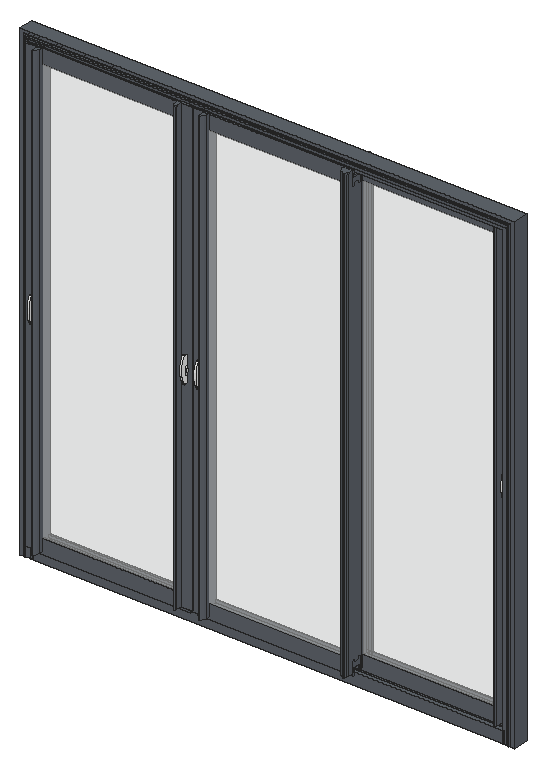
Revit family "Wicslide_65_Glass32_3_leaf_2_track_dependent", category Doors, host Wall, Revit 2014 (continued)
Definition of nested family "Leaf_Wicslide_65_G32_2_leaf_2_track_both_sliding_or_1_fixed_1slide"
  Definition of nested family "wicona_handle_2d"
    Lines and regions (mm)
      model lines, style "PIECES", in view "Ref. Level", detail levels fine
        curve 41: line (19.257, -9.888, 0) -> (19.59, -10.831, 0)
        curve 42: line (19.59, -10.831, 0) -> (19.895, -11.783, 0)
        curve 43: line (19.895, -11.783, 0) -> (20.172, -12.744, 0)
        curve 44: line (20.172, -12.744, 0) -> (20.422, -13.712, 0)
        curve 45: line (20.422, -13.712, 0) -> (20.645, -14.687, 0)
        curve 46: line (20.645, -14.687, 0) -> (20.841, -15.667, 0)
        curve 47: line (20.841, -15.667, 0) -> (21.011, -16.653, 0)
        curve 48: line (21.011, -16.653, 0) -> (21.043, -16.863, 0)
        curve 49: line (21.043, -16.863, 0) -> (20.974, -17.852, 0)
        curve 50: line (20.974, -17.852, 0) -> (20.702, -18.43, 0)
        curve 51: line (20.702, -18.43, 0) -> (20.014, -19.149, 0)
        curve 52: line (20.014, -19.149, 0) -> (19.107, -19.554, 0)
        curve 53: line (19.107, -19.554, 0) -> (18.664, -19.6, 0)
        curve 54: line (18.664, -19.6, 0) -> (16.934, -19.6, 0)
        curve 55: line (16.934, -19.6, 0) -> (15.934, -19.6, 0)
        curve 56: line (15.934, -19.6, 0) -> (14.934, -19.6, 0)
        curve 57: line (14.934, -19.6, 0) -> (13.934, -19.6, 0)
        curve 58: line (13.934, -19.6, 0) -> (13.413, -19.6, 0)
        curve 59: line (13.413, -19.6, 0) -> (12.446, -19.377, 0)
        curve 60: line (12.446, -19.377, 0) -> (11.651, -18.781, 0)
        curve 61: line (11.651, -18.781, 0) -> (11.243, -18.216, 0)
        curve 62: line (11.243, -18.216, 0) -> (10.768, -17.336, 0)
        curve 63: line (10.768, -17.336, 0) -> (10.324, -16.441, 0)
        curve 64: line (10.324, -16.441, 0) -> (9.909, -15.531, 0)
        curve 65: line (9.909, -15.531, 0) -> (9.525, -14.608, 0)
        curve 66: line (9.525, -14.608, 0) -> (9.171, -13.672, 0)
        curve 67: line (9.162, -13.647, 0) -> (8.966, -12.67, 0)
        curve 68: line (8.963, -12.62, 0) -> (8.951, -12.312, 0)
        curve 69: arc (-5.814, -25, 0) -> (-5.429, -25.928, 0) -> (-4.501, -26.312, 0) r 1.312
        curve 70: arc (4.591, -26.312, 0) -> (5.454, -25.955, 0) -> (5.812, -25.091, 0) r 1.221
  Definition of nested family "window_2_pieces_glass_line"
    Parameters (values of type "T32")
      v1 = 5 mm
      line = 10 mm
      built-in parameter 1001306 [instance] = 1200 mm
      Glass Thickness = 32 mm
    Types (2, lengths in mm): name | Glass Thickness
      T24 | 24
      T32 | 32
    Reference planes
      plane 1 "Center (Front/Back)": y = 0
      plane 2: z = 0
      plane 3 "Left": x = 0
      plane 4 "Right": x = 1200
      plane 5: y = 32
      plane 6: y = 5
      plane 7: y = 27
      plane 8: x = 10
      plane 9: x = 1190
    Lines and regions (mm)
      reference lines, in view "Ref. Level"
        curve 1: line (0, 0, 0) -> (1200, 0, 0)
      detail lines, in view "Ref. Level", detail levels medium+fine
        curve 2: line (0, 32, 0) -> (1200, 32, 0)
        curve 3: line (0, 0, 0) -> (1200, 0, 0)
      detail lines, in view "Ref. Level", detail levels fine
        curve 4: line (0, 27, 0) -> (1200, 27, 0)
        curve 5: line (0, 5, 0) -> (1200, 5, 0)
      model lines, style "DetailComponents", in view "Ref. Level", detail levels fine
        curve 6: line (10, 27, 0) -> (10, 5, 0)
      detail lines, style "DetailComponents", in view "Ref. Level", detail levels fine
        curve 7: line (1190, 27, 0) -> (1190, 5, 0)
      model lines, style "DetailComponents", in view "Ref. Level", detail levels medium+fine
        curve 8: line (1200, 32, 0) -> (1200, 0, 0)
      detail lines, style "DetailComponents", in view "Ref. Level", detail levels medium+fine
        curve 9: line (0, 32, 0) -> (0, 0, 0)
    Dimensions and locks
      "built-in parameter 1001306": plane 3 "Left" to plane 4 "Right"
      "Glass Thickness": plane 5 to plane 1 "Center (Front/Back)"
      plane 5 to plane 1 "Center (Front/Back)" = 32 mm
      "v1": plane 5 to plane 7
      "v1": plane 6 to plane 1 "Center (Front/Back)"
      "line": plane 3 "Left" to plane 8
      "line": plane 9 to plane 4 "Right"
      aligned and locked: plane 1 "Center (Front/Back)" to curve 1
      aligned and locked: plane 3 "Left" to curve 1
      aligned and locked: plane 4 "Right" to curve 1
      aligned and locked: plane 5 to curve 2
      aligned and locked: plane 7 to curve 4
      aligned and locked: plane 6 to curve 5
      aligned and locked: curve 5 to curve 6
      aligned and locked: curve 6 to plane 8
      aligned and locked: curve 5 to curve 7
      aligned and locked: curve 7 to plane 9
      aligned and locked: plane 1 "Center (Front/Back)" to curve 9
      aligned and locked: curve 9 to plane 3 "Left"
      aligned and locked: curve 2 to curve 8
      aligned and locked: curve 3 to curve 8
      aligned and locked: curve 8 to plane 4 "Right"
      aligned and locked: curve 4 to curve 7
      aligned and locked: curve 4 to curve 6
    Automatic sketch dimensions
      curve 5 to plane 4 "Right" = 0 mm
      curve 4 to plane 4 "Right" = 0 mm
      curve 3 to plane 4 "Right" = 0 mm
      curve 2 to plane 4 "Right" = 0 mm
Definition of nested family "Leaf_Wicslide_65_G32_2_leaf_2_track_both_sliding_or_1_fixed_1slide_right"
  Parameters (values of type "Leaf_Wicslide_65_G32_2_leaf_2_track_both_sliding_or_1_fixed_1slide_right")
    Sash meeting 3041252 = yes
    Sash meeting 3041250 = no
    Sash meeting 3041251 = no
    Sash 1041273 = no
    Sash 1041270 = no
    Sash 1041271 = yes
    Sash 1041272 = no
    Profil Bottom = 4 mm
    Handle Distance = if(Sash 1041270, 22 mm, if(Sash 1041271, 45 mm, if(Sash 1041272, 42 mm, 22 mm)))  # 45 mm
    Leaf Width = 896 mm
    Leaf Material = Aluminium
    Leaf Height = 1927.194 mm
    Handle Material = Aluminium
    Handle Height = 850 mm  # constant formula
    Glass Width = 32 mm
    Glass Offset 2 = 7 mm  # constant formula
    Glass Offset = 46.1 mm  # constant formula
    Glass Material = WICONA -  Glass
    Glas Offset Bottom = 46.6 mm
    Frame Material = Aluminium
    16 = 16 mm
  Reference planes
    plane 1 "Center (Front/Back)": y = 0
    plane 2: z = 0
    plane 3 "Center (Left/Right)": x = 0
    plane 4: x = 896
    plane 5: z = 1927.194
    plane 6: x = 46.1
    plane 7: x = 889
    plane 8: z = 1880.594
    plane 9: z = 46.6
    plane 10: z = 896.6
    plane 11: x = 58.1
    plane 12: y = -16
    plane 13: y = 16
    plane 14: x = -3.312
    plane 15: x = 899.312
    plane 16: z = 46.6
    plane 17: y = -45
    plane 18: x = 20
    plane 19: z = 960.237
    plane 20: x = -1.516
    plane 21: y = -21.816
    plane 22: z = -5.306
    plane 23: z = 25
    plane 24: x = 914.975
    plane 25: z = 1937.694
    plane 26: z = 1907.694
    plane 27: z = 4
    plane 28: x = -9.9
  Forms (mm)
    Sweep 1, solid, material "Aluminium" <- "Leaf Material", visible <- "Sash 1041270"
      path origin (-1.381, 0, 34.551) x (1, 0, 0) y (0, 0, 1)
        loop
          line (0, -30.551) -> (0, 1897.873)
      profile origin (-1.381, 0, 968.212) x (-1, 0, 0) y (0, -1, 0)
        loop
          line (-59.481, -22) -> (8.519, -22) -> (8.519, -16.6) -> (-10.369, -16.6) -> (-10.369, 16.6) -> (8.519, 16.6) -> (8.519, 22) -> (-59.395, 22) -> (-59.395, 16) -> (-47.481, 16) -> (-47.481, -16) -> (-59.481, -16) -> (-59.481, -22)
    Extrusion 2, solid, material "WICONA -  Glass" <- "Glass Material", detail levels medium+fine
      sketch origin (-214.248, -550.766, -473.088) x (1, 0, 0) y (0, 0, 1)
        loop
          line (260.348, 2353.682) -> (260.348, 519.688) -> (1103.248, 519.688) -> (1103.248, 2353.682) -> (260.348, 2353.682)
      from -566.766 to -534.766
    Sweep 3, solid, material "Aluminium" <- "Leaf Material"
      path origin (0, 0, 0) x (1, 0, 0) y (0, 0, 1)
        loop
          line (8.988, 0) -> (914.975, 0)
      profile origin (461.982, 0, 0) x (0, 0, 1) y (0, -1, 0)
        loop
          line (-5.306, -20.1) -> (58.694, -20.1) -> (58.694, -16) -> (46.634, -16) -> (46.634, 16) -> (58.694, 16) -> (58.694, 20.1) -> (-5.306, 20.1) -> (-5.306, 16.6) -> (5.236, 16.6) -> (5.236, 18.5) -> (25.914, 18.5) -> (25.914, -18.502) -> (5.236, -18.502) -> (5.236, -16.602) -> (-5.306, -16.602) -> (-5.306, -20.1)
    Sweep 4, solid, material "Aluminium" <- "Leaf Material", visible <- "Sash meeting 3041250"
      path origin (0, 0, 0) x (1, 0, 0) y (0, 0, 1)
        loop
          line (896, 1932.424) -> (896, 4)
      profile origin (896, 0, 968.212) x (0, -1, 0) y (1, 0, 0)
        loop
          line (-22, -19.112) -> (-16, -19.112) -> (-16, -7.023) -> (16, -7.023) -> (16, -19.112) -> (22.3, -19.112) -> (22.3, 0) -> (25.992, 0) -> (25.992, 18.975) -> (-22, 18.975) -> (-22, -19.112)
    Sweep 5, solid, material "Aluminium" <- "Leaf Material", visible <- "Sash 1041273"
      path origin (0, 0, 0) x (1, 0, 0) y (0, 0, 1)
        loop
          line (0, 4) -> (0, 1932.424)
      profile origin (0, 0, 968.212) x (-1, 0, 0) y (0, -1, 0)
        loop
          line (9.9, -22) -> (9.9, -16.517) -> (-12.05, -16.517) -> (-12.05, 16.671) -> (9.9, 16.671) -> (9.9, 22) -> (-41.1, 22) -> (-41.1, 47) -> (-42.787, 54.915) -> (-43.872, 56) -> (-47.182, 56)
          arc (-47.182, 56) -> (-54.565, 44.34) -> (-58.1, 31) r 45.352
          line (-58.1, 31) -> (-58.1, -22) -> (9.9, -22)
    Sweep 6, solid, material "Aluminium" <- "Leaf Material", visible <- "Sash 1041272"
      path origin (0, 0, 0) x (1, 0, 0) y (0, 0, 1)
        loop
          line (0, 4) -> (0, 1932.424)
      profile origin (0, 0, 968.212) x (-1, 0, 0) y (0, -1, 0)
        loop
          line (-58.1, -22) -> (9.9, -22) -> (9.9, -16) -> (-8.988, -16) -> (-8.988, 16) -> (9.9, 16) -> (9.9, 22) -> (-6.1, 22) -> (-6.1, 41.999) -> (-58.1, 41.999) -> (-58.1, 16) -> (-46.1, 16) -> (-46.1, -16) -> (-58.1, -16) -> (-58.1, -22)
    Sweep 7, solid, material "Aluminium" <- "Leaf Material", visible <- "Sash 1041271"
      path origin (0, 0, 0) x (1, 0, 0) y (0, 0, 1)
        loop
          line (0, 4) -> (0, 1932.424)
      profile origin (0, 0, 968.212) x (-1, 0, 0) y (0, -1, 0)
        loop
          line (9.9, -22) -> (9.9, -16.6) -> (-8.988, -16.6) -> (-8.988, 16.6) -> (9.9, 16.6) -> (9.9, 45) -> (-58.1, 45) -> (-58.1, 16) -> (-46.136, 16) -> (-46.136, -16) -> (-58.1, -16) -> (-58.1, -22) -> (9.9, -22)
    Sweep 8, solid, material "Aluminium" <- "Leaf Material", visible <- "Sash meeting 3041252"
      path origin (0, 0, 0) x (1, 0, 0) y (0, 0, 1)
        loop
          line (896, 4) -> (896, 1932.424)
      profile origin (896, 0, 968.212) x (-1, 0, 0) y (0, -1, 0)
        loop
          line (0, 25.992) -> (-18.975, 25.992) -> (-18.975, -41.747) -> (-17.979, -49.857) -> (-14.994, -60.998) -> (-13.135, -62) -> (-7.45, -62)
          arc (-7.45, -62) -> (9.037, -49.24) -> (19.026, -30.94) r 50.906
          line (19.026, -30.94) -> (19.026, -16) -> (7, -16) -> (7, 16.183) -> (19.026, 16.183) -> (19.026, 22.3) -> (0, 22.3) -> (0, 25.992)
    Sweep 9, solid, material "Aluminium" <- "Leaf Material", visible <- "Sash meeting 3041251"
      path origin (0, 0, 0) x (1, 0, 0) y (0, 0, 1)
        loop
          line (896, 4) -> (896, 1932.424)
      profile origin (896, 0, 968.212) x (-1, 0, 0) y (0, -1, 0)
        loop
          line (0, 25.992) -> (-18.975, 25.992) -> (-18.975, -57) -> (19.026, -57) -> (19.026, -16) -> (7.023, -16) -> (7.023, 16) -> (19.026, 16) -> (19.026, 22.3) -> (0, 22.3) -> (0, 25.992)
    Sweep 10, solid, material "Aluminium" <- "Leaf Material"
      path origin (0, 0, 5.236) x (1, 0, 0) y (0, 0, 1)
        loop
          line (12.05, 1927.194) -> (914.975, 1927.194)
      profile origin (463.512, 0, 1932.43) x (0, 0, 1) y (0, -1, 0)
        loop
          line (-0.006, 20.1) -> (-64.007, 20.1) -> (-64.007, 16) -> (-51.87, 16) -> (-51.87, -16) -> (-64.006, -16) -> (-64.006, -20.1) -> (-0.005, -20.1) -> (-0.005, -16.6) -> (-10.505, -16.6) -> (-10.505, -18.5) -> (-31.192, -18.5) -> (-31.192, 18.502) -> (-10.506, 18.502) -> (-10.506, 16.602) -> (-0.006, 16.602) -> (-0.006, 20.1)
    Extrusion 11, void
      sketch origin (0, 0, 0) x (1, 0, 0) y (0, 1, 0)
        loop
          line (889, 16) -> (889, -16) -> (925.276, -16) -> (925.276, 16) -> (889, 16)
      from -5.306 to 25
    Extrusion 12, void
      sketch origin (0, 0, 0) x (1, 0, 0) y (0, 1, 0)
        loop
          line (922.34, 16) -> (889, 16) -> (889, -16) -> (922.34, -16) -> (922.34, 16)
      from -5.306 to 25
    Extrusion 13, void
      sketch origin (0, 0, 140) x (1, 0, 0) y (0, 1, 0)
        loop
          line (922.34, 16) -> (889, 16) -> (889, -16) -> (922.34, -16) -> (922.34, 16)
      from 1767.694 to 1797.694
  Cuts and joins
    Extrusion 11, Extrusion 12 cuts Extrusion 2
    Extrusion 11, Extrusion 12 cuts Sweep 3
    Extrusion 11, Extrusion 12, Extrusion 13 cuts Sweep 9
    Extrusion 12, Extrusion 13 cuts Sweep 4
    Extrusion 12, Extrusion 13 cuts Sweep 8
  Lines and regions (mm)
    symbolic lines, style "GenericModel", detail levels medium+fine
      curve 1: line (0, 16, 1880.594) -> (0, 16, 46.6)
      curve 2: line (0, -16, 1880.594) -> (0, -16, 46.6)
      curve 3: line (0, 0, 1880.594) -> (0, 0, 46.6)
  Dimensions and locks
    "Leaf Width": plane 3 "Center (Left/Right)" to plane 4
    "Leaf Height": plane 5 to level
    "Glass Offset": plane 3 "Center (Left/Right)" to plane 6
    "Glass Offset 2": plane 7 to plane 4
    "Glas Offset Bottom": plane 5 to plane 8
    level to plane 10 = 896.6 mm
    "Handle Height": plane 10 to plane 9
    "Glas Offset Bottom": plane 9 to level
    locked: plane 3 "Center (Left/Right)" to plane 14 at 3.312
    locked: plane 15 to plane 4 at 3.312
    locked: plane 3 "Center (Left/Right)" to plane 18 at 20
    "Handle Distance": plane 17 to plane 1 "Center (Front/Back)"
    plane 19 to level = 960.237 mm
    plane 21 to plane 1 "Center (Front/Back)" = 21.816 mm
    plane 23 to level to plane 22 = 25 mm locked, 5.306 mm locked
    locked: plane 4 to plane 24 at 18.975
    plane 25 to plane 5 to plane 26 = 10.5 mm locked, 19.5 mm locked
    "Profil Bottom": plane 27 to level
    "Glass Width": plane 12 to plane 13
    "16": plane 1 "Center (Front/Back)" to plane 13
    locked: nested 5 to plane 3 "Center (Left/Right)" at 9.9
    aligned and locked: level to plane 2
    aligned and locked: plane 9 to plane 16
    aligned and locked: nested 2 to level
    aligned and locked: nested 2 to plane 1 "Center (Front/Back)"
    aligned and locked: Extrusion 2 to plane 6
    aligned and locked: plane 7 to Extrusion 2
    aligned and locked: plane 8 to Extrusion 2
    aligned and locked: Extrusion 2 to plane 9
    aligned and locked: Extrusion 2 to plane 13
    aligned and locked: plane 12 to Extrusion 2
    aligned and locked: plane 17 to nested 7
    aligned and locked: nested 7 to plane 18
    aligned and locked: plane 19 to nested 7
    aligned and locked: plane 1 "Center (Front/Back)" to nested 8
    aligned and locked: Sweep 10 to Sweep 4 sketch curve
    aligned and locked: Sweep 10 to Sweep 9 sketch curve
    aligned and locked: Sweep 10 to Sweep 8 sketch curve
    aligned and locked: Sweep 10 to Sweep 7 sketch curve
    aligned and locked: Sweep 10 to Sweep 6 sketch curve
    aligned and locked: Sweep 10 to Sweep 5 sketch curve
    aligned and locked: Sweep 10 to Sweep 1 sketch curve
    aligned and locked: Sweep 7 to Sweep 3 sketch curve
    aligned and locked: nested 9 to plane 17
    aligned and locked: nested 9 to plane 18
    aligned and locked: plane 23 to cut or joined group of Sweep 9, Extrusion 11, Extrusion 12, Extrusion 13
    aligned and locked: cut or joined group of Sweep 9, Extrusion 11, Extrusion 12, Extrusion 13 to plane 22
    aligned and locked: cut or joined group of Sweep 9, Extrusion 11, Extrusion 12, Extrusion 13 to plane 7
    aligned and locked: plane 27 to Sweep 9 sketch curve
    aligned and locked: plane 27 to Sweep 4 sketch curve
    aligned and locked: plane 27 to Sweep 7 sketch curve
    aligned and locked: plane 27 to Sweep 6 sketch curve
    aligned and locked: plane 27 to Sweep 5 sketch curve
    aligned and locked: plane 27 to Sweep 1 sketch curve
    aligned and locked: plane 27 to Sweep 8 sketch curve
    aligned and locked: nested 10 to plane 8
    aligned and locked: nested 10 to plane 9
    aligned and locked: nested 1 to plane 1 "Center (Front/Back)"
    aligned and locked: plane 3 "Center (Left/Right)" to nested 1
    aligned and locked: nested 3 to plane 3 "Center (Left/Right)"
    aligned and locked: nested 3 to plane 1 "Center (Front/Back)"
    aligned and locked: nested 4 to plane 3 "Center (Left/Right)"
    aligned and locked: nested 4 to plane 1 "Center (Front/Back)"
    aligned and locked: plane 7 to nested 11
    aligned and locked: plane 6 to nested 11
    aligned and locked: plane 12 to nested 11
    aligned and locked: plane 12 to nested 10
    aligned and locked: cut or joined group of Sweep 8, Extrusion 12, Extrusion 13 to plane 7  (x2)
    aligned and locked: cut or joined group of Sweep 8, Extrusion 12, Extrusion 13 to plane 22
    aligned and locked: plane 23 to cut or joined group of Sweep 8, Extrusion 12, Extrusion 13
    aligned and locked: plane 25 to cut or joined group of Sweep 8, Extrusion 12, Extrusion 13
    aligned and locked: cut or joined group of Sweep 8, Extrusion 12, Extrusion 13 to plane 26
    aligned and locked: plane 5 to nested 8
    aligned and locked: nested 14 to plane 4
    aligned and locked: nested 14 to plane 1 "Center (Front/Back)"
    aligned and locked: nested 12 to plane 1 "Center (Front/Back)"
    aligned and locked: nested 12 to plane 4
    aligned and locked: nested 13 to plane 1 "Center (Front/Back)"
    aligned and locked: nested 13 to plane 4
    aligned and locked: nested 5 to plane 1 "Center (Front/Back)"
    aligned and locked: nested 5 to plane 3 "Center (Left/Right)"
    aligned and locked: nested 5 to nested 6
    aligned and locked: nested 6 to plane 1 "Center (Front/Back)"
  Automatic sketch dimensions
    curve 2 to plane 8 = 0 mm
    curve 2 to plane 12 = 0 mm
    curve 3 to plane 1 "Center (Front/Back)" = 0 mm
    curve 1 to plane 9 = 0 mm
    curve 1 to plane 13 = 0 mm
    curve 2 to plane 9 = 0 mm
    curve 3 to plane 9 = 0 mm
    curve 3 to plane 8 = 0 mm
    curve 1 to plane 8 = 0 mm
    plane 20 to Sweep 1 sketch curve = 0.135 mm
    Sweep 1 sketch curve to profile plane = 22 mm
    profile plane to Sweep 1 sketch curve = 59.481 mm
    Sweep 1 sketch curve to Sweep 1 sketch curve = 0.086 mm
    Sweep 1 sketch curve to Sweep 1 sketch curve = 11.914 mm
    profile plane to Sweep 1 sketch curve = 10.369 mm
    Sweep 1 sketch curve to profile plane = 8.519 mm  (x2)
    Sweep 1 sketch curve to Sweep 1 sketch curve = 5.4 mm  (x2)
    Sweep 1 sketch curve to Sweep 1 sketch curve = 6 mm
    profile plane to Sweep 1 sketch curve = 16 mm
    profile plane to Sweep 1 sketch curve = 16.6 mm
    Extrusion 2 sketch curve to plane 6 = 0 mm
    Extrusion 2 sketch curve to plane 7 = 0 mm
    Extrusion 2 sketch curve to plane 9 = 0 mm
    Extrusion 2 sketch curve to plane 8 = 0 mm
    Sweep 3 sketch curve to level = 0 mm
    profile plane to Sweep 3 sketch curve = 5.306 mm  (x2)
    Sweep 3 sketch curve to profile plane = 5.236 mm  (x2)
    Sweep 3 sketch curve to Sweep 3 sketch curve = 20.678 mm
    plane 16 to Sweep 3 sketch curve = 0.034 mm
    plane 16 to Sweep 3 sketch curve = 12.094 mm  (x2)
    Sweep 3 sketch curve to plane 1 "Center (Front/Back)" = 20.1 mm
    Sweep 3 sketch curve to plane 1 "Center (Front/Back)" = 18.502 mm
    Sweep 3 sketch curve to Sweep 3 sketch curve = 3.498 mm
    Sweep 3 sketch curve to Sweep 3 sketch curve = 4.1 mm  (x2)
    plane 1 "Center (Front/Back)" to Sweep 3 sketch curve = 16 mm
    plane 1 "Center (Front/Back)" to Sweep 3 sketch curve = 16.6 mm
    Sweep 3 sketch curve to Sweep 3 sketch curve = 1.9 mm
    Sweep 4 sketch curve to plane 4 = 0 mm
    Sweep 5 sketch curve to plane 3 "Center (Left/Right)" = 0 mm
    profile plane to Sweep 5 sketch curve = 58.1 mm
    Sweep 5 sketch curve to Sweep 5 sketch curve = 10.918 mm
    Sweep 5 sketch curve to Sweep 5 sketch curve = 3.31 mm
    Sweep 5 sketch curve to Sweep 5 sketch curve = 1.085 mm  (x2)
    Sweep 5 sketch curve to Sweep 5 sketch curve = 1.687 mm
    profile plane to Sweep 5 sketch curve = 13.004 mm
    Sweep 5 sketch curve to Sweep 5 sketch curve = 0.954 mm
    Sweep 5 sketch curve to profile plane = 9.9 mm  (x2)
    Sweep 5 sketch curve to plane 1 "Center (Front/Back)" = 22 mm
    Sweep 5 sketch curve to plane 1 "Center (Front/Back)" = 16.517 mm
    plane 1 "Center (Front/Back)" to Sweep 5 sketch curve = 16.671 mm
    Sweep 5 sketch curve to Sweep 5 sketch curve = 5.329 mm
    Sweep 5 sketch curve to Sweep 5 sketch curve = 9.518 mm
    Sweep 5 sketch curve to Sweep 5 sketch curve = 9 mm  (x2)
    Sweep 6 sketch curve to plane 3 "Center (Left/Right)" = 0 mm
    Sweep 6 sketch curve to plane 1 "Center (Front/Back)" = 22 mm
    profile plane to Sweep 6 sketch curve = 58.1 mm
    Sweep 6 sketch curve to Sweep 6 sketch curve = 0 mm
    Sweep 6 sketch curve to Sweep 6 sketch curve = 12 mm
    profile plane to Sweep 6 sketch curve = 8.988 mm
    profile plane to Sweep 6 sketch curve = 6.1 mm
    Sweep 6 sketch curve to profile plane = 9.9 mm  (x2)
    Sweep 6 sketch curve to Sweep 6 sketch curve = 6 mm  (x2)
    Sweep 6 sketch curve to plane 1 "Center (Front/Back)" = 16 mm
    plane 1 "Center (Front/Back)" to Sweep 6 sketch curve = 16 mm  (x2)
    Sweep 6 sketch curve to Sweep 6 sketch curve = 19.999 mm
    Sweep 7 sketch curve to plane 3 "Center (Left/Right)" = 0 mm
    profile plane to Sweep 7 sketch curve = 58.1 mm
    Sweep 7 sketch curve to Sweep 7 sketch curve = 0 mm
    Sweep 7 sketch curve to Sweep 7 sketch curve = 11.964 mm
    profile plane to Sweep 7 sketch curve = 8.988 mm
    Sweep 7 sketch curve to profile plane = 9.9 mm  (x2)
    Sweep 7 sketch curve to plane 1 "Center (Front/Back)" = 22 mm
    Sweep 7 sketch curve to Sweep 7 sketch curve = 5.4 mm
    Sweep 7 sketch curve to Sweep 7 sketch curve = 6 mm
    plane 1 "Center (Front/Back)" to Sweep 7 sketch curve = 16 mm
    plane 1 "Center (Front/Back)" to Sweep 7 sketch curve = 16.6 mm
    Sweep 7 sketch curve to Sweep 7 sketch curve = 28.4 mm
    Sweep 8 sketch curve to plane 4 = 0 mm
    Sweep 9 sketch curve to plane 4 = 0 mm
    plane 5 to Sweep 10 sketch curve = 5.236 mm
    Sweep 10 sketch curve to plane 24 = 0 mm
    plane 18 to Sweep 10 sketch curve = 7.95 mm
    Extrusion 11 sketch curve to plane 7 = 0 mm
    plane 12 to Extrusion 11 sketch curve = 0 mm
    plane 13 to Extrusion 11 sketch curve = 0 mm
    plane 24 to Extrusion 11 sketch curve = 10.301 mm
    Extrusion 12 sketch curve to plane 7 = 0 mm
    plane 12 to Extrusion 12 sketch curve = 0 mm
    plane 13 to Extrusion 12 sketch curve = 0 mm
    plane 24 to Extrusion 12 sketch curve = 7.365 mm
    plane 7 to Extrusion 13 sketch curve = 0 mm
    plane 12 to Extrusion 13 sketch curve = 0 mm
    plane 13 to Extrusion 13 sketch curve = 0 mm
    plane 24 to Extrusion 13 sketch curve = 7.365 mm
    plane 1 "Center (Front/Back)" to Sweep 10 sketch curve = 20.1 mm
    profile plane to Sweep 10 sketch curve = 64.007 mm
    Sweep 10 sketch curve to plane 1 "Center (Front/Back)" = 16 mm
    Sweep 10 sketch curve to Sweep 10 sketch curve = 0.001 mm
    Sweep 10 sketch curve to Sweep 10 sketch curve = 12.136 mm
    Sweep 10 sketch curve to Sweep 10 sketch curve = 20.678 mm
    profile plane to Sweep 10 sketch curve = 10.506 mm
    profile plane to Sweep 10 sketch curve = 10.505 mm
    profile plane to Sweep 10 sketch curve = 0.006 mm
    profile plane to Sweep 10 sketch curve = 0.005 mm
    Sweep 10 sketch curve to plane 1 "Center (Front/Back)" = 16.6 mm
    Sweep 10 sketch curve to Sweep 10 sketch curve = 1.9 mm
    Sweep 10 sketch curve to Sweep 10 sketch curve = 4.1 mm  (x2)
    Sweep 10 sketch curve to Sweep 10 sketch curve = 3.498 mm
    plane 1 "Center (Front/Back)" to Sweep 10 sketch curve = 18.502 mm
    profile plane to Sweep 8 sketch curve = 7.45 mm
    Sweep 8 sketch curve to Sweep 8 sketch curve = 5.685 mm
    Sweep 8 sketch curve to Sweep 8 sketch curve = 1.859 mm
    Sweep 8 sketch curve to Sweep 8 sketch curve = 2.985 mm
    Sweep 8 sketch curve to Sweep 8 sketch curve = 0.996 mm
    Sweep 8 sketch curve to Sweep 8 sketch curve = 10.729 mm
    Sweep 8 sketch curve to profile plane = 7 mm
    Sweep 8 sketch curve to Sweep 8 sketch curve = 12.026 mm  (x2)
    Sweep 8 sketch curve to Sweep 8 sketch curve = 6.117 mm
    Sweep 8 sketch curve to Sweep 8 sketch curve = 32.183 mm
    Sweep 8 sketch curve to Sweep 8 sketch curve = 0.215 mm
    Sweep 8 sketch curve to Sweep 8 sketch curve = 14.94 mm
    Sweep 8 sketch curve to Sweep 8 sketch curve = 20.253 mm
    Sweep 8 sketch curve to Sweep 8 sketch curve = 8.11 mm
    Sweep 8 sketch curve to Sweep 8 sketch curve = 1.002 mm
    Sweep 8 sketch curve to profile plane = 0 mm
    Sweep 8 sketch curve to Sweep 8 sketch curve = 3.692 mm
    plane 1 "Center (Front/Back)" to Sweep 8 sketch curve = 25.992 mm
    profile plane to Sweep 9 sketch curve = 18.975 mm
    Sweep 9 sketch curve to profile plane = 7.023 mm
    Sweep 9 sketch curve to profile plane = 19.026 mm
    Sweep 9 sketch curve to Sweep 9 sketch curve = 12.003 mm
    Sweep 9 sketch curve to plane 1 "Center (Front/Back)" = 57 mm
    Sweep 9 sketch curve to Sweep 9 sketch curve = 41 mm
    Sweep 9 sketch curve to Sweep 9 sketch curve = 32 mm
    Sweep 9 sketch curve to Sweep 9 sketch curve = 6.3 mm
    Sweep 9 sketch curve to Sweep 9 sketch curve = 3.692 mm
    Sweep 9 sketch curve to profile plane = 0 mm
    Sweep 4 sketch curve to profile plane = 0 mm
    Sweep 4 sketch curve to plane 1 "Center (Front/Back)" = 22 mm
    Sweep 4 sketch curve to Sweep 4 sketch curve = 6 mm
    profile plane to Sweep 4 sketch curve = 7.023 mm
    plane 1 "Center (Front/Back)" to Sweep 4 sketch curve = 16 mm
    Sweep 4 sketch curve to Sweep 4 sketch curve = 6.3 mm
    Sweep 4 sketch curve to Sweep 4 sketch curve = 3.692 mm
    Sweep 4 sketch curve to Sweep 4 sketch curve = 12.089 mm  (x2)
    Sweep 4 sketch curve to profile plane = 18.975 mm
    Sweep 3 sketch curve to plane 24 = 0 mm
  Nested families
    nested 1: "Sash Verticals_1041270" at (-9.9, 22, 0), visible <- "Sash 1041270", type "Sash Verticals_1041270"
    nested 2: "Sash_horizontal_1041274" at (0, 0, 0) x (0, 1, 0) z (1, 0, 0), type "Sash_horizontal_1041274"
    nested 3: "Sash Verticals_1041271" at (-9.9, 22, 0), visible <- "Sash 1041271", type "Sash Verticals_1041271"
    nested 4: "Sash Verticals_1041272" at (-9.9, 22, 0), visible <- "Sash 1041272", type "Sash Verticals_1041272"
    nested 5: "Sash Verticals_1041273" at (-9.9, 22, 0), visible <- "Sash 1041273", type "Sash Verticals_1041273"
    nested 6: "Sash_lock" at (-9.9, 18, 0), type "Sash_lock"
    nested 7: "wicona_handle_2" at (20, -45, 956.633) x (-1, 0, 0) z (0, 0, 1), type "wicona_handle_2", detail levels medium+fine
    nested 8: "Sash_horizontal_1041274" at (0, 0, 1927.194) x (0, -1, 0) z (1, 0, 0), type "Sash_horizontal_1041274"
    nested 9: "wicona_handle_2d" at (20, -45, 0), type "wicona_handle_2d"
    nested 10: "window_2_pieces_glass_line" at (0, -16, 1880.594) x (0, 0, -1) z (1, 0, 0), type "T32"
      with built-in parameter 1001306 6.017 (stored number, unit not read)
    nested 11: "window_2_pieces_glass_line" at (46.1, -16, 0), type "T32"
      with built-in parameter 1001306 2.7654 (stored number, unit not read)
    nested 12: "Sash meeting 3041251" at (896, -18, 0), visible <- "Sash meeting 3041251", type "Sash meeting_3041251"
    nested 13: "Sash meeting 3041250" at (896, -18, 0), visible <- "Sash meeting 3041250", type "Sash meeting 3041250"
    nested 14: "Sash meeting 3041252" at (896, -18, 0), visible <- "Sash meeting 3041252", type "Sash meeting_3041252"
  Definition of nested family "wicona_handle_2"
    Parameters (values of type "wicona_handle_2")
      Leaf Thickness = 119.445 mm
      Handle Material = Aluminium
    Reference planes
      plane 1 "Center (Front/Back)": y = 0
      plane 2: z = 0
      plane 3 "Center (Left/Right)": x = 0
      plane 4: x = -12.5
      plane 5: x = 12.5
      plane 6: y = -25
    Forms (mm)
      Extrusion 1, solid, material "Aluminium" <- "Handle Material"
        sketch origin (0, 0, 0) x (1, 0, 0) y (0, 0, 1)
          loop
            line (0, 24.936) -> (0, -24.936)
            arc (0, -24.936) -> (9.865, 0) -> (0, 24.936) r 36.45
        from 0 to 7.131
      Extrusion 2, solid, material "Aluminium" <- "Handle Material"
        sketch origin (0, 0, 0) x (0, 1, 0) y (0, 0, 1)
          loop
            line (0, 61.209) -> (-11.38, 61.209)
            arc (-11.38, 61.209) -> (-25.13, 4.31) -> (-11.38, -52.589) r 124.599
            line (-11.38, -52.589) -> (0, -52.589) -> (0, 61.209)
        from -4.798 to 4.287
      Extrusion 3, solid, material "Aluminium" <- "Handle Material"
        sketch origin (-0.471, 0, 3.281) x (0.788011, 0, 0.615661) y (-0.615661, 0, 0.788011)
          loop
            line (-12.5, 3.457) -> (-12.5, -1.543) -> (2.5, -1.543) -> (2.5, 3.457) -> (-12.5, 3.457)
        from 0 to 7.131
    Dimensions and locks
      aligned and locked: level to plane 2
  Definition of nested family "Sash Verticals_1041270"
    Reference planes
      plane 1 "Center (Front/Back)": y = 0
      plane 2: z = 0
      plane 3 "Center (Left/Right)": x = 0
      plane 4: y = -44
      plane 5: y = -22
      plane 6: y = -6
      plane 7: y = -38
    Lines and regions (mm)
      Filled region 1, type "Concrete", in view "Ref. Level", detail levels medium
        outline origin (18.997, 3.58, 0) x (1, 0, 0) y (0, 1, 0)
          loop
            line (-18.997, -3.58) -> (-18.997, -8.98) -> (-9.097, -8.98) -> (-9.097, -5.18) -> (-0.109, -5.18) -> (-0.109, -45.98) -> (-9.097, -45.98) -> (-9.097, -42.18) -> (-18.997, -42.18) -> (-18.997, -47.58) -> (49.003, -47.58) -> (49.003, -41.58) -> (37.039, -41.58) -> (37.039, -9.58) -> (49.003, -9.58) -> (49.003, -3.58) -> (-18.997, -3.58)
      model lines, style "GLAS", in view "Ref. Level", detail levels fine
        curve 1: line (56.036, -2.324, 0) -> (56.036, -40.117, 0)
  Definition of nested family "Sash_horizontal_1041274"
    Reference planes
      plane 1 "Center (Front/Back)": y = 0
      plane 2: z = 0
      plane 3 "Center (Left/Right)": x = 0
      plane 4: y = -5.264
      plane 5: y = 46.634
      plane 6: x = -16
      plane 7: x = 16
    Lines and regions (mm)
      Filled region 1, type "Concrete", in view "Ref. Level", detail levels medium
        outline origin (18.997, 3.58, 0) x (1, 0, 0) y (0, 1, 0)
          loop
            line (-39.097, -8.845) -> (-35.597, -8.845) -> (-35.597, 1.655) -> (-37.497, 1.655) -> (-37.497, 22.334) -> (-0.495, 22.334) -> (-0.495, 1.655) -> (-2.394, 1.655) -> (-2.394, -8.845) -> (1.103, -8.845) -> (1.103, 55.157) -> (-2.997, 55.157) -> (-2.997, 43.054) -> (-34.997, 43.054) -> (-34.997, 55.156) -> (-39.097, 55.156) -> (-39.097, -8.845)
      detail lines, style "CENT3", in view "Ref. Level", not visible
        curve 1: line (123.517, -4.599, 0) -> (123.517, -38.599, 0)
      detail lines, style "GLAS", in view "Ref. Level", not visible
        curve 2: line (83.517, -9.599, 0) -> (123.517, -9.599, 0)
        curve 3: line (123.517, -9.599, 0) -> (123.517, -14.599, 0)
        curve 4: line (123.517, -14.599, 0) -> (83.517, -14.599, 0)
        curve 5: line (83.517, -14.599, 0) -> (83.517, -9.599, 0)
        curve 6: line (83.517, -28.599, 0) -> (123.517, -28.599, 0)
        curve 7: line (123.517, -28.599, 0) -> (123.517, -33.599, 0)
        curve 8: line (123.517, -33.599, 0) -> (83.517, -33.599, 0)
        curve 9: line (83.517, -33.599, 0) -> (83.517, -28.599, 0)
        curve 10: line (83.517, -10.599, 0) -> (123.517, -10.599, 0)
        curve 11: line (83.517, -11.599, 0) -> (123.517, -11.599, 0)
        curve 12: line (83.517, -12.599, 0) -> (123.517, -12.599, 0)
        curve 13: line (83.517, -13.599, 0) -> (123.517, -13.599, 0)
        curve 14: line (83.517, -14.599, 0) -> (123.517, -14.599, 0)
        curve 15: line (93.517, -14.599, 0) -> (93.517, -28.599, 0)
        curve 16: line (83.517, -28.599, 0) -> (123.517, -28.599, 0)
        curve 17: line (83.517, -29.599, 0) -> (123.517, -29.599, 0)
        curve 18: line (83.517, -30.599, 0) -> (123.517, -30.599, 0)
        curve 19: line (83.517, -31.599, 0) -> (123.517, -31.599, 0)
        curve 20: line (83.517, -32.599, 0) -> (123.517, -32.599, 0)
        curve 21: line (123.517, -9.599, 0) -> (83.517, -9.599, 0)
        curve 22: line (83.517, -9.599, 0) -> (83.517, -33.599, 0)
        curve 23: line (83.517, -33.599, 0) -> (123.517, -33.599, 0)
      detail lines, style "GLAS", in view "Ref. Level", not visible, detail levels fine
        curve 24: line (56.036, -6.117, 0) -> (96.036, -6.117, 0)
        curve 25: line (96.036, -30.117, 0) -> (56.036, -30.117, 0)
        curve 26: line (96.036, -6.117, 0) -> (56.036, -6.117, 0)
        curve 27: line (56.036, -6.117, 0) -> (56.036, -30.117, 0)
        curve 28: line (56.036, -30.117, 0) -> (96.036, -30.117, 0)
  Definition of nested family "Sash Verticals_1041271"
    Reference planes
      plane 1 "Center (Front/Back)": y = 0
      plane 2: z = 0
      plane 3 "Center (Left/Right)": x = 0
      plane 4: y = -44
      plane 5: y = -22
      plane 6: y = -6
      plane 7: y = -38
    Lines and regions (mm)
      Filled region 1, type "Concrete", in view "Ref. Level", detail levels medium
        outline origin (18.997, 3.58, 0) x (1, 0, 0) y (0, 1, 0)
          loop
            line (-18.997, -3.58) -> (-18.997, -8.98) -> (-9.097, -8.98) -> (-9.097, -5.18) -> (-0.109, -5.18) -> (-0.109, -45.98) -> (-9.097, -45.98) -> (-9.097, -42.18) -> (-18.997, -42.18) -> (-18.997, -70.58) -> (49.003, -70.58) -> (49.003, -41.58) -> (37.039, -41.58) -> (37.039, -9.58) -> (49.003, -9.58) -> (49.003, -3.58) -> (-18.997, -3.58)
      model lines, style "GLAS", in view "Ref. Level", detail levels fine
        curve 1: line (56.036, -2.324, 0) -> (56.036, -40.117, 0)
  Definition of nested family "Sash Verticals_1041272"
    Reference planes
      plane 1 "Center (Front/Back)": y = 0
      plane 2: z = 0
      plane 3 "Center (Left/Right)": x = 0
      plane 4: y = -44
      plane 5: y = -22
      plane 6: y = -6
      plane 7: y = -38
    Lines and regions (mm)
      Filled region 1, type "Concrete", in view "Ref. Level", detail levels medium
        outline origin (18.997, 5.863, 0) x (1, 0, 0) y (0, 1, 0)
          loop
            line (-18.997, -5.863) -> (-18.997, -11.863) -> (-8.997, -11.863) -> (-8.997, -7.463) -> (-0.109, -7.463) -> (-0.109, -48.263) -> (-8.997, -48.263) -> (-8.997, -43.863) -> (-18.997, -43.863) -> (-18.997, -49.863) -> (-2.997, -49.863) -> (-2.997, -69.862) -> (49.003, -69.862) -> (49.003, -43.863) -> (37.039, -43.863) -> (37.039, -11.863) -> (49.003, -11.863) -> (49.003, -5.863) -> (-18.997, -5.863)
      model lines, style "GLAS", in view "Ref. Level", detail levels fine
        curve 1: line (56.036, -2.324, 0) -> (56.036, -40.117, 0)
  Definition of nested family "Sash Verticals_1041273"
    Reference planes
      plane 1 "Center (Front/Back)": y = 0
      plane 2: z = 0
      plane 3 "Center (Left/Right)": x = 0
      plane 4: y = -44
      plane 5: y = -22
      plane 6: y = -6
      plane 7: y = -38
    Lines and regions (mm)
      Filled region 1, type "Concrete", in view "Ref. Level", detail levels medium
        outline origin (18.997, 5.863, 0) x (1, 0, 0) y (0, 1, 0)
          loop
            line (-18.997, -5.863) -> (-18.997, -11.263) -> (-8.997, -11.263) -> (-8.997, -7.463) -> (-0.109, -7.463) -> (-0.109, -48.263) -> (-8.997, -48.263) -> (-8.997, -44.463) -> (-18.997, -44.463) -> (-18.997, -49.863) -> (32.003, -49.863) -> (32.003, -72.818) -> (32.786, -79.191) -> (34.42, -83.863) -> (38.085, -83.863)
            arc (38.085, -83.863) -> (45.505, -72.219) -> (49.003, -58.863) r 44.553
            line (49.003, -58.863) -> (49.003, -43.863) -> (37.039, -43.863) -> (37.039, -11.863) -> (49.003, -11.863) -> (49.003, -5.863) -> (-18.997, -5.863)
      model lines, style "GLAS", in view "Ref. Level", detail levels fine
        curve 1: line (56.036, -2.324, 0) -> (56.036, -40.117, 0)
  Definition of nested family "Sash_lock"
    Reference planes
      plane 1 "Center (Front/Back)": y = 0
      plane 2: z = 0
      plane 3 "Center (Left/Right)": x = 0
      plane 4: y = -36
      plane 5: y = -18
  Definition of nested family "wicona_handle_2d"
    Reference planes
      plane 1 "Center (Front/Back)": y = 0
      plane 2: z = 0
      plane 3 "Center (Left/Right)": x = 0
    Lines and regions (mm)
      Filled region 1, type "Concrete", in view "Ref. Level", detail levels medium
        outline origin (18.997, 3.58, 0) x (1, 0, 0) y (0, 1, 0)
          loop
            line (-32.997, -3.58) -> (-32.997, -9.933) -> (-24.997, -13.663) -> (-24.997, -27.833) -> (-22.937, -29.893) -> (-14.406, -29.893) -> (-13.407, -28.894) -> (-12.884, -13.903) -> (-10.056, -13.145) -> (-10.056, -16.127) -> (-7.132, -23.016) -> (0.376, -23.016) -> (1.978, -21.414) -> (0.932, -15.482) -> (-2.662, -8.313) -> (-7.394, -3.58) -> (-32.997, -3.58)
      model lines, style "PIECES", in view "Ref. Level", detail levels fine
        curve 1: arc (14, -1.6, 0) -> (13.707, -0.893, 0) -> (13, -0.6, 0) r 1
        curve 2: arc (6.221, -10.26, 0) -> (7.596, -9.888, 0) -> (8.949, -9.443, 0) r 26.5
        curve 3: arc (-13.393, -7.367, 0) -> (-9.913, -9.076, 0) -> (-6.221, -10.26, 0) r 26.5
        curve 4: arc (11.211, -7.242, 0) -> (11.535, -6.913, 0) -> (11.677, -6.473, 0) r 1
        curve 5: line (11.793, -0.6, 0) -> (12.052, -0.6, 0)
        curve 6: line (12.052, -0.6, 0) -> (13, -0.6, 0)
        curve 7: line (8.949, -12.262, 0) -> (8.949, -8.492, 0)
        curve 8: line (-4.591, -26.312, 0) -> (4.591, -26.312, 0)
        curve 9: line (-5.814, -25, 0) -> (-6.068, -10.451, 0)
        curve 10: line (-6.068, -10.451, 0) -> (-6.221, -10.26, 0)
        curve 11: line (5.815, -24.927, 0) -> (6.068, -10.451, 0)
        curve 12: line (6.068, -10.451, 0) -> (6.221, -10.26, 0)
        curve 13: line (11.211, -7.242, 0) -> (10.341, -7.762, 0)
        curve 14: line (10.341, -7.762, 0) -> (9.463, -8.24, 0)
        curve 15: line (9.463, -8.24, 0) -> (8.565, -8.68, 0)
        curve 16: line (8.565, -8.68, 0) -> (7.649, -9.083, 0)
        curve 17: line (7.505, -9.142, 0) -> (7.006, -9.364, 0)
        curve 18: line (-13.393, -7.367, 0) -> (-13.886, -6.543, 0)
        curve 19: line (-13.886, -6.543, 0) -> (-14, 0, 0)
        curve 20: line (-14, 0, 0) -> (11.805, 0, 0)
        curve 21: line (11.805, 0, 0) -> (11.786, -1, 0)
        curve 22: line (11.786, -1, 0) -> (11.766, -2, 0)
        curve 23: line (11.766, -2, 0) -> (11.747, -2.999, 0)
        curve 24: line (11.747, -2.999, 0) -> (11.727, -3.999, 0)
        curve 25: line (11.727, -3.999, 0) -> (11.708, -4.999, 0)
        curve 26: line (11.708, -4.999, 0) -> (11.688, -5.999, 0)
        curve 27: line (11.688, -5.999, 0) -> (11.68, -6.413, 0)
        curve 28: line (12.793, -0.754, 0) -> (13.413, -1.137, 0)
        curve 29: line (13.413, -1.137, 0) -> (14.151, -1.812, 0)
        curve 30: line (14.151, -1.812, 0) -> (14.853, -2.523, 0)
        curve 31: line (14.853, -2.523, 0) -> (15.519, -3.269, 0)
        curve 32: line (15.519, -3.269, 0) -> (16.149, -4.046, 0)
        curve 33: line (16.149, -4.046, 0) -> (16.743, -4.851, 0)
        curve 34: line (16.743, -4.851, 0) -> (17.301, -5.68, 0)
        curve 35: line (17.301, -5.68, 0) -> (17.61, -6.174, 0)
        curve 36: line (12.052, -0.6, 0) -> (12.765, -0.743, 0)
        curve 37: line (17.643, -6.231, 0) -> (18.091, -7.125, 0)
        curve 38: line (18.091, -7.125, 0) -> (18.508, -8.034, 0)
        curve 39: line (18.508, -8.034, 0) -> (18.897, -8.955, 0)
        curve 40: line (18.897, -8.955, 0) -> (19.257, -9.888, 0)
        curve 41: line (19.257, -9.888, 0) -> (19.59, -10.831, 0)
        curve 42: line (19.59, -10.831, 0) -> (19.895, -11.783, 0)
        curve 43: line (19.895, -11.783, 0) -> (20.172, -12.744, 0)
        curve 44: line (20.172, -12.744, 0) -> (20.422, -13.712, 0)
        curve 45: line (20.422, -13.712, 0) -> (20.645, -14.687, 0)
        curve 46: line (20.645, -14.687, 0) -> (20.841, -15.667, 0)
        curve 47: line (20.841, -15.667, 0) -> (21.011, -16.653, 0)
        curve 48: line (21.011, -16.653, 0) -> (21.043, -16.863, 0)
        curve 49: line (21.043, -16.863, 0) -> (20.974, -17.852, 0)
        curve 50: line (20.974, -17.852, 0) -> (20.702, -18.43, 0)
        curve 51: line (20.702, -18.43, 0) -> (20.014, -19.149, 0)
        curve 52: line (20.014, -19.149, 0) -> (19.107, -19.554, 0)
        curve 53: line (19.107, -19.554, 0) -> (18.664, -19.6, 0)
        curve 54: line (18.664, -19.6, 0) -> (16.934, -19.6, 0)
        curve 55: line (16.934, -19.6, 0) -> (15.934, -19.6, 0)
        curve 56: line (15.934, -19.6, 0) -> (14.934, -19.6, 0)
        curve 57: line (14.934, -19.6, 0) -> (13.934, -19.6, 0)
        curve 58: line (13.934, -19.6, 0) -> (13.413, -19.6, 0)
        curve 59: line (13.413, -19.6, 0) -> (12.446, -19.377, 0)
        curve 60: line (12.446, -19.377, 0) -> (11.651, -18.781, 0)
        curve 61: line (11.651, -18.781, 0) -> (11.243, -18.216, 0)
        curve 62: line (11.243, -18.216, 0) -> (10.768, -17.336, 0)
        curve 63: line (10.768, -17.336, 0) -> (10.324, -16.441, 0)
        curve 64: line (10.324, -16.441, 0) -> (9.909, -15.531, 0)
        curve 65: line (9.909, -15.531, 0) -> (9.525, -14.608, 0)
        curve 66: line (9.525, -14.608, 0) -> (9.171, -13.672, 0)
        curve 67: line (9.162, -13.647, 0) -> (8.966, -12.67, 0)
        curve 68: line (8.963, -12.62, 0) -> (8.951, -12.312, 0)
        curve 69: arc (-5.814, -25, 0) -> (-5.429, -25.928, 0) -> (-4.501, -26.312, 0) r 1.312
        curve 70: arc (4.591, -26.312, 0) -> (5.454, -25.955, 0) -> (5.812, -25.091, 0) r 1.221
  Definition of nested family "window_2_pieces_glass_line"
    Parameters (values of type "T32")
      v1 = 5 mm
      line = 10 mm
      built-in parameter 1001306 [instance] = 1200 mm
      Glass Thickness = 32 mm
    Types (2, lengths in mm): name | Glass Thickness
      T24 | 24
      T32 | 32
    Reference planes
      plane 1 "Center (Front/Back)": y = 0
      plane 2: z = 0
      plane 3 "Left": x = 0
      plane 4 "Right": x = 1200
      plane 5: y = 32
      plane 6: y = 5
      plane 7: y = 27
      plane 8: x = 10
      plane 9: x = 1190
    Lines and regions (mm)
      reference lines, in view "Ref. Level"
        curve 1: line (0, 0, 0) -> (1200, 0, 0)
      detail lines, in view "Ref. Level", detail levels medium+fine
        curve 2: line (0, 32, 0) -> (1200, 32, 0)
        curve 3: line (0, 0, 0) -> (1200, 0, 0)
      detail lines, in view "Ref. Level", detail levels fine
        curve 4: line (0, 27, 0) -> (1200, 27, 0)
        curve 5: line (0, 5, 0) -> (1200, 5, 0)
      model lines, style "DetailComponents", in view "Ref. Level", detail levels fine
        curve 6: line (10, 27, 0) -> (10, 5, 0)
      detail lines, style "DetailComponents", in view "Ref. Level", detail levels fine
        curve 7: line (1190, 27, 0) -> (1190, 5, 0)
      model lines, style "DetailComponents", in view "Ref. Level", detail levels medium+fine
        curve 8: line (1200, 32, 0) -> (1200, 0, 0)
      detail lines, style "DetailComponents", in view "Ref. Level", detail levels medium+fine
        curve 9: line (0, 32, 0) -> (0, 0, 0)
    Dimensions and locks
      "built-in parameter 1001306": plane 3 "Left" to plane 4 "Right"
      "Glass Thickness": plane 5 to plane 1 "Center (Front/Back)"
      plane 5 to plane 1 "Center (Front/Back)" = 32 mm
      "v1": plane 5 to plane 7
      "v1": plane 6 to plane 1 "Center (Front/Back)"
      "line": plane 3 "Left" to plane 8
      "line": plane 9 to plane 4 "Right"
      aligned and locked: plane 1 "Center (Front/Back)" to curve 1
      aligned and locked: plane 3 "Left" to curve 1
      aligned and locked: plane 4 "Right" to curve 1
      aligned and locked: plane 5 to curve 2
      aligned and locked: plane 7 to curve 4
      aligned and locked: plane 6 to curve 5
      aligned and locked: curve 5 to curve 6
      aligned and locked: curve 6 to plane 8
      aligned and locked: curve 5 to curve 7
      aligned and locked: curve 7 to plane 9
      aligned and locked: plane 1 "Center (Front/Back)" to curve 9
      aligned and locked: curve 9 to plane 3 "Left"
      aligned and locked: curve 2 to curve 8
      aligned and locked: curve 3 to curve 8
      aligned and locked: curve 8 to plane 4 "Right"
      aligned and locked: curve 4 to curve 7
      aligned and locked: curve 4 to curve 6
    Automatic sketch dimensions
      curve 5 to plane 4 "Right" = 0 mm
      curve 4 to plane 4 "Right" = 0 mm
      curve 3 to plane 4 "Right" = 0 mm
      curve 2 to plane 4 "Right" = 0 mm
  Definition of nested family "Sash meeting 3041251"
    Parameters (values of type "Sash meeting 3041251")
      6 = 6 mm
    Reference planes
      plane 1 "Center (Front/Back)": y = 0
      plane 2: z = 0
      plane 3 "Center (Left/Right)": x = 0
      plane 4: y = -40
      plane 5: y = -18
      plane 6: x = 18.975
      plane 7: y = -2
      plane 8: y = -34
      plane 9: y = 4.5
    Lines and regions (mm)
      Filled region 1, type "Concrete", in view "Ref. Level", detail levels medium
        outline origin (18.997, 3.58, 0) x (1, 0, 0) y (0, 1, 0)
          loop
            line (-0.022, -78.58) -> (-0.022, 4.412) -> (-18.997, 4.412) -> (-18.997, 0.72) -> (-38.109, 0.72) -> (-38.109, -5.58) -> (-26.02, -5.58) -> (-26.02, -37.58) -> (-38.109, -37.58) -> (-38.109, -78.58) -> (-0.022, -78.58)
  Definition of nested family "Sash meeting 3041250"
    Parameters (values of type "Sash meeting 3041250")
      6 = 6 mm
    Reference planes
      plane 1 "Center (Front/Back)": y = 0
      plane 2: z = 0
      plane 3 "Center (Left/Right)": x = 0
      plane 4: y = -40
      plane 5: y = -18
      plane 6: x = 18.975
      plane 7: y = -2
      plane 8: y = -34
    Lines and regions (mm)
      Filled region 1, type "Concrete", in view "Ref. Level", detail levels medium
        outline origin (18.997, 3.58, 0) x (1, 0, 0) y (0, 1, 0)
          loop
            line (-0.022, -43.58) -> (-0.022, 4.412) -> (-18.997, 4.412) -> (-18.997, 0.72) -> (-38.109, 0.72) -> (-38.109, -5.58) -> (-26.02, -5.58) -> (-26.02, -37.58) -> (-38.109, -37.58) -> (-38.109, -43.58) -> (-0.022, -43.58)
  Definition of nested family "Sash meeting 3041252"
    Parameters (values of type "Sash meeting 3041252")
      6 = 6 mm
    Reference planes
      plane 1 "Center (Front/Back)": y = 0
      plane 2: z = 0
      plane 3 "Center (Left/Right)": x = 0
      plane 4: y = -40
      plane 5: y = -18
      plane 6: x = 18.975
      plane 7: y = -2
      plane 8: y = -34
      plane 9: y = 4.5
    Lines and regions (mm)
      Filled region 1, type "Concrete", in view "Ref. Level", detail levels medium
        outline origin (18.997, 3.58, 0) x (1, 0, 0) y (0, 1, 0)
          loop
            line (-0.022, -60.28) -> (-0.022, 4.412) -> (-18.997, 4.412) -> (-18.997, 0.72) -> (-38.109, 0.72) -> (-38.109, -5.58) -> (-26.02, -5.58) -> (-26.02, -37.58) -> (-38.109, -37.58) -> (-38.109, -52.434)
            arc (-38.109, -52.434) -> (-28.07, -70.772) -> (-11.546, -83.58) r 51.285
            line (-11.546, -83.58) -> (-4.436, -83.58) -> (-0.022, -60.28)
Definition of nested family "Leaf_Wicslide_65_G32_3_leaf_2_track_independent_2_handle"
  Parameters (values of type "Leaf_Wicslide_65_G32_3_leaf_2_track_independent_2_handle")
    Sash meeting 3041252 = yes
    Sash meeting 3041250 = no
    Sash meeting 3041251 = no
    Sash 1041273 = no
    Sash 1041270 = no
    Sash 1041271 = yes
    Sash 1041272 = no
    Profil Bottom = 4 mm
    Handle Distance = if(Sash 1041270, 22 mm, if(Sash 1041271, 45 mm, if(Sash 1041272, 42 mm, 22 mm)))  # 45 mm
    Leaf Width = 896 mm
    Leaf Material = Aluminium
    Leaf Height = 2000 mm
    Handle Material = Aluminium
    Handle Height = 850 mm  # constant formula
    Glass Width = 32 mm
    Glass Offset 2 = 7 mm  # constant formula
    Glass Offset = 46.1 mm  # constant formula
    Glass Material = WICONA -  Glass
    Glas Offset Bottom = 46.6 mm
    Frame Material = Aluminium
    16 = 16 mm
  Reference planes
    plane 1 "Center (Front/Back)": y = 0
    plane 2: z = 0
    plane 3 "Center (Left/Right)": x = 0
    plane 4: x = 896
    plane 5: z = 2000
    plane 6: x = 46.1
    plane 7: x = 849.9
    plane 8: z = 1953.4
    plane 9: z = 46.6
    plane 10: z = 896.6
    plane 11: x = 58.1
    plane 12: y = -16
    plane 13: y = 16
    plane 14: x = -3.312
    plane 15: x = 899.312
    plane 16: z = 46.6
    plane 17: y = -45
    plane 18: x = 20
    plane 19: z = 960.237
    plane 20: x = -1.516
    plane 21: y = -21.816
    plane 22: z = -5.306
    plane 23: z = 25
    plane 24: x = 914.975
    plane 25: z = 2010.5
    plane 26: z = 1980.5
    plane 27: z = 4
    plane 28: x = -9.9
    plane 29: x = 876
  Forms (mm)
    Sweep 1, solid, material "Aluminium" <- "Leaf Material", visible <- "Sash 1041270"
      path origin (-1.381, 0, 34.551) x (1, 0, 0) y (0, 0, 1)
        loop
          line (0, -30.551) -> (0, 1970.678)
      profile origin (-1.381, 0, 1004.615) x (-1, 0, 0) y (0, -1, 0)
        loop
          line (-59.481, -22) -> (8.519, -22) -> (8.519, -16.6) -> (-10.369, -16.6) -> (-10.369, 16.6) -> (8.519, 16.6) -> (8.519, 22) -> (-59.395, 22) -> (-59.395, 16) -> (-47.481, 16) -> (-47.481, -16) -> (-59.481, -16) -> (-59.481, -22)
    Extrusion 2, solid, material "WICONA -  Glass" <- "Glass Material", detail levels medium+fine
      sketch origin (-214.248, -550.766, -473.088) x (1, 0, 0) y (0, 0, 1)
        loop
          line (260.348, 2426.488) -> (260.348, 519.688) -> (1064.148, 519.688) -> (1064.148, 2426.488) -> (260.348, 2426.488)
      from -566.766 to -534.766
    Sweep 3, solid, material "Aluminium" <- "Leaf Material"
      path origin (0, 0, 0) x (1, 0, 0) y (0, 0, 1)
        loop
          line (8.988, 0) -> (896, 0)
      profile origin (452.494, 0, 0) x (0, 0, 1) y (0, -1, 0)
        loop
          line (-5.306, -20.1) -> (58.694, -20.1) -> (58.694, -16) -> (46.634, -16) -> (46.634, 16) -> (58.694, 16) -> (58.694, 20.1) -> (-5.306, 20.1) -> (-5.306, 16.6) -> (5.236, 16.6) -> (5.236, 18.5) -> (25.914, 18.5) -> (25.914, -18.502) -> (5.236, -18.502) -> (5.236, -16.602) -> (-5.306, -16.602) -> (-5.306, -20.1)
    Sweep 4, solid, material "Aluminium" <- "Leaf Material", visible <- "Sash 1041270"
      path origin (0, 0, 0) x (1, 0, 0) y (0, 0, 1)
        loop
          line (896, 2005.23) -> (896, 4)
      profile origin (896, 0, 1004.615) x (0, -1, 0) y (1, 0, 0)
        loop
          line (-22, -58.1) -> (-16, -58.1) -> (-16, -46.1) -> (16, -46.1) -> (16, -58.1) -> (22, -58.1) -> (22, 9.9) -> (16.6, 9.9) -> (16.6, 0) -> (20.4, 0) -> (20.4, -8.988) -> (-20.4, -8.988) -> (-20.4, 0) -> (-16.6, 0) -> (-16.6, 9.9) -> (-22, 9.9) -> (-22, -58.1)
    Sweep 5, solid, material "Aluminium" <- "Leaf Material", visible <- "Sash 1041273"
      path origin (0, 0, 0) x (1, 0, 0) y (0, 0, 1)
        loop
          line (0, 4) -> (0, 2005.23)
      profile origin (0, 0, 1004.615) x (-1, 0, 0) y (0, -1, 0)
        loop
          line (9.9, -22) -> (9.9, -16.517) -> (-12.05, -16.517) -> (-12.05, 16.671) -> (9.9, 16.671) -> (9.9, 22) -> (-41.1, 22) -> (-41.1, 47) -> (-42.787, 54.915) -> (-43.872, 56) -> (-47.182, 56)
          arc (-47.182, 56) -> (-54.565, 44.34) -> (-58.1, 31) r 45.352
          line (-58.1, 31) -> (-58.1, -22) -> (9.9, -22)
    Sweep 6, solid, material "Aluminium" <- "Leaf Material", visible <- "Sash 1041272"
      path origin (0, 0, 0) x (1, 0, 0) y (0, 0, 1)
        loop
          line (0, 4) -> (0, 2005.23)
      profile origin (0, 0, 1004.615) x (-1, 0, 0) y (0, -1, 0)
        loop
          line (-58.1, -22) -> (9.9, -22) -> (9.9, -16) -> (-8.988, -16) -> (-8.988, 16) -> (9.9, 16) -> (9.9, 22) -> (-6.1, 22) -> (-6.1, 41.999) -> (-58.1, 41.999) -> (-58.1, 16) -> (-46.1, 16) -> (-46.1, -16) -> (-58.1, -16) -> (-58.1, -22)
    Sweep 7, solid, material "Aluminium" <- "Leaf Material", visible <- "Sash 1041271"
      path origin (0, 0, 0) x (1, 0, 0) y (0, 0, 1)
        loop
          line (0, 4) -> (0, 2005.23)
      profile origin (0, 0, 1004.615) x (-1, 0, 0) y (0, -1, 0)
        loop
          line (9.9, -22) -> (9.9, -16.6) -> (-8.988, -16.6) -> (-8.988, 16.6) -> (9.9, 16.6) -> (9.9, 45) -> (-58.1, 45) -> (-58.1, 16) -> (-46.136, 16) -> (-46.136, -16) -> (-58.1, -16) -> (-58.1, -22) -> (9.9, -22)
    Sweep 8, solid, material "Aluminium" <- "Leaf Material", visible <- "Sash 1041273"
      path origin (0, 0, 0) x (1, 0, 0) y (0, 0, 1)
        loop
          line (896, 4) -> (896, 2005.23)
      profile origin (896, 0, 1004.615) x (-1, 0, 0) y (0, -1, 0)
        loop
          line (58.1, -16) -> (46.136, -16) -> (46.136, 16) -> (58.1, 16) -> (58.1, 31)
          arc (58.1, 31) -> (54.601, 44.356) -> (47.182, 56) r 44.553
          line (47.182, 56) -> (43.517, 56) -> (41.882, 51.328) -> (41.1, 44.955) -> (41.1, 22) -> (-9.9, 22) -> (-9.9, 16.6) -> (0.1, 16.6) -> (0.1, 20.4) -> (8.988, 20.4) -> (8.988, -20.4) -> (0.1, -20.4) -> (0.1, -16.6) -> (-9.9, -16.6) -> (-9.9, -22) -> (58.1, -22) -> (58.1, -16)
    Sweep 9, solid, material "Aluminium" <- "Leaf Material", visible <- "Sash 1041271"
      path origin (0, 0, 0) x (1, 0, 0) y (0, 0, 1)
        loop
          line (896, 4) -> (896, 2005.23)
      profile origin (896, 0, 1004.615) x (-1, 0, 0) y (0, -1, 0)
        loop
          line (58.1, 45) -> (-9.9, 45) -> (-9.9, 16.6) -> (0, 16.6) -> (0, 20.4) -> (8.988, 20.4) -> (8.988, -20.4) -> (0, -20.4) -> (0, -16.6) -> (-9.9, -16.6) -> (-9.9, -22) -> (58.1, -22) -> (58.1, -16) -> (46.136, -16) -> (46.136, 16) -> (58.1, 16) -> (58.1, 45)
    Sweep 10, solid, material "Aluminium" <- "Leaf Material"
      path origin (0, 0, 5.236) x (1, 0, 0) y (0, 0, 1)
        loop
          line (12.05, 2000) -> (896, 2000)
      profile origin (454.025, 0, 2005.236) x (0, 0, 1) y (0, -1, 0)
        loop
          line (-0.006, 20.1) -> (-64.007, 20.1) -> (-64.007, 16) -> (-51.87, 16) -> (-51.87, -16) -> (-64.006, -16) -> (-64.006, -20.1) -> (-0.005, -20.1) -> (-0.005, -16.6) -> (-10.505, -16.6) -> (-10.505, -18.5) -> (-31.192, -18.5) -> (-31.192, 18.502) -> (-10.506, 18.502) -> (-10.506, 16.602) -> (-0.006, 16.602) -> (-0.006, 20.1)
    Extrusion 11, void
      sketch origin (0, 0, 0) x (1, 0, 0) y (0, 1, 0)
        loop
          line (849.9, 16) -> (849.9, -16) -> (925.276, -16) -> (925.276, 16) -> (849.9, 16)
      from -5.306 to 25
    Extrusion 12, void
      sketch origin (0, 0, 0) x (1, 0, 0) y (0, 1, 0)
        loop
          line (922.34, 16) -> (849.9, 16) -> (849.9, -16) -> (922.34, -16) -> (922.34, 16)
      from 1980.5 to 2010.5
    Sweep 13, solid, visible <- "Sash 1041272"
      path origin (0, 0, 0) x (1, 0, 0) y (0, 0, 1)
        loop
          line (895.9, 4) -> (895.9, 2005.23)
      profile origin (895.9, 0, 1004.615) x (-1, 0, 0) y (0, -1, 0)
        loop
          line (58, -22) -> (58, -16) -> (46, -16) -> (46, 16) -> (58, 16) -> (58, 41.999) -> (6, 41.999) -> (6, 22) -> (-10, 22) -> (-10, 16) -> (0, 16) -> (0, 20.4) -> (8.888, 20.4) -> (8.888, -20.4) -> (0, -20.4) -> (0, -16) -> (-10, -16) -> (-10, -22) -> (58, -22)
  Cuts and joins
    Extrusion 11, Extrusion 12 cuts Extrusion 2
    Extrusion 11, Extrusion 12 cuts Sweep 3
  Lines and regions (mm)
    symbolic lines, style "GenericModel", detail levels medium+fine
      curve 1: line (0, 16, 1953.4) -> (0, 16, 46.6)
      curve 2: line (0, -16, 1953.4) -> (0, -16, 46.6)
      curve 3: line (0, 0, 1953.4) -> (0, 0, 46.6)
  Dimensions and locks
    "Leaf Width": plane 3 "Center (Left/Right)" to plane 4
    "Leaf Height": plane 5 to level
    "Glass Offset": plane 3 "Center (Left/Right)" to plane 6
    "Glass Offset": plane 7 to plane 4
    "Glas Offset Bottom": plane 5 to plane 8
    level to plane 10 = 896.6 mm
    "Handle Height": plane 10 to plane 9
    "Glas Offset Bottom": plane 9 to level
    locked: plane 3 "Center (Left/Right)" to plane 14 at 3.312
    locked: plane 15 to plane 4 at 3.312
    locked: plane 3 "Center (Left/Right)" to plane 18 at 20
    "Handle Distance": plane 17 to plane 1 "Center (Front/Back)"
    plane 19 to level = 960.237 mm
    plane 21 to plane 1 "Center (Front/Back)" = 21.816 mm
    plane 23 to level to plane 22 = 25 mm locked, 5.306 mm locked
    locked: plane 4 to plane 24 at 18.975
    plane 25 to plane 5 to plane 26 = 10.5 mm locked, 19.5 mm locked
    "Profil Bottom": plane 27 to level
    "Glass Width": plane 12 to plane 13
    "16": plane 1 "Center (Front/Back)" to plane 13
    locked: plane 28 to plane 3 "Center (Left/Right)" at 9.9
    plane 29 to plane 4 = 20 mm
